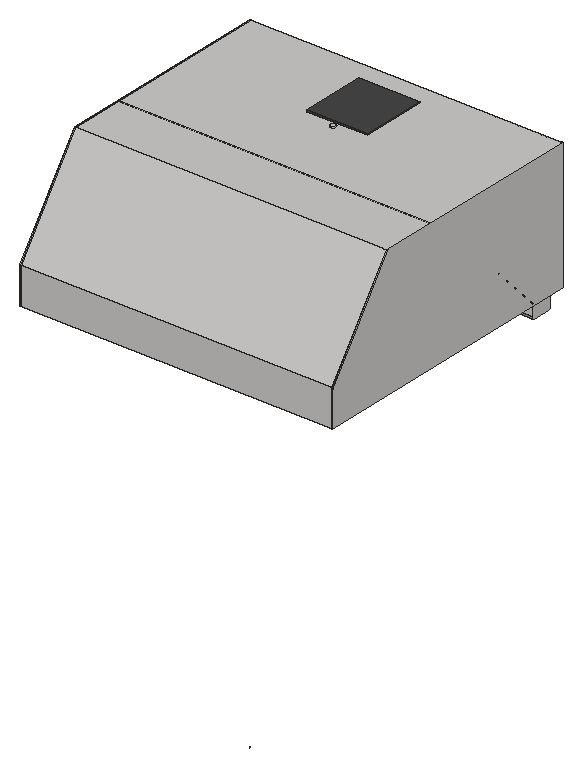
Revit family "QF_ELECTROLUXPROFESSIONAL_644220_ABPV1112BT", category Attrezzature speciali, Revit 2021
Family settings
  Quota connettore circolare = Usa diametro
  Tipo di parte = Normale
  Basato su piano di lavoro = No
  Sempre verticale = Sì
  Taglio con vuoti quando caricato = No
  Condiviso = No
  Punto di calcolo locali = No
Parameters (values of type "Standard")
  Weight = 43.00 kg
  Watts = 300 W
  Volts = 220 V
  URL Manufacturer = "https://www.electroluxprofessional.com/"
  URL = "https://www.electroluxprofessional.com/"
  Steam Supply Size = 0 mm
  Steam Supply Minimum Pressure = 0.0 Pa
  Steam Supply Maximum Pressure = 0.0 Pa
  Steam Consumption per Hour = 0
  Refrigeration Suction Line Size = 0 mm
  Refrigeration Liquid Line Size = 0 mm
  Refrigerant Compressor Remote = yes
  Prospetto di default = 0 mm
  Produttore = "Electrolux Professional"
  Phase = 1
  Modello = "ABPV1112BT"
  Length Actual = 1200 mm  # constant formula
  Item Number = "644220"
  Hot Water Size = 0 mm
  Height Actual = 500 mm  # constant formula
  HP = "0.4 HP"
  Gas Size = 0 mm
  Gas KW = 0
  Gas Input Pressure = 0 W
  Direct Waste Size = 0 mm
  Descrizione = "430 S/S WALL HOOD+FILTER+FAN 1200X1100MM"
  Depth Actual = 1100 mm  # constant formula
  Cycle = 50 Hz
  Condensate Return Size = 0 mm
  Compressed Air Volume = 0.0 L/s
  Compressed Air Size = 0 mm
  Compressed Air Pressure = 0.0 Pa
  Cold Water Size = 0 mm
  Accessory = yes
Reference planes
  plane 1 "Center (Front/Back)": y = 0
  plane 2: z = 0
  plane 3 "Center (Left/Right)": x = 150
  plane 4 "LEFT": x = -450
  plane 5 "RIGHT": x = 750
  plane 6 "BACK": y = 550
  plane 7 "FRONT": y = -550
  plane 8 "TOP": z = 2500
  plane 9 "Base": z = 2000
  plane 10: z = 1926
  plane 11 "DrainY": y = 485
  plane 12: x = -447
  plane 13: through (0, 414.509, 2000.8) normal (0, 0.7314, 0.682)
  plane 14: y = 470
  plane 15: y = 220
  plane 16 "DrainX": x = 630
  plane 17: x = 33.5
  plane 18: x = 266.5
  plane 19: x = 747
  plane 20: x = 540
  plane 21: x = 720
  plane 22: x = -410
  plane 23: x = 710
  plane 24: x = -47.5
  plane 25: x = 347.5
  plane 26: z = 2140.01
  plane 27: y = 200
Forms (mm)
  Extrusion 1, solid, material "QF_Finishes_Stainless Steel"
    sketch origin (-450, 0, 360) x (0, 1, 0) y (0, 0, 1)
      loop
        line (550, 1640) -> (550, 2140) -> (-290, 2140) -> (-550, 1780.01) -> (-550, 1640) -> (550, 1640)
    from 0 to 3
  Extrusion 2, solid, material "QF_Finishes_Stainless Steel"
    sketch origin (150, 0, 360) x (0, 1, 0) y (0, 0, 1)
      loop
        line (415.255, 1640) -> (550, 1640) -> (550, 2139.19) -> (549.2, 2139.19) -> (549.2, 1640.8) -> (415.876, 1640.8) -> (339.347, 1722.867) -> (349.609, 1732.436) -> (348.927, 1733.167) -> (337.934, 1722.917) -> (415.255, 1640)
      loop
        line (-82.203, 2139.19) -> (-82.203, 2118.6) -> (-31.047, 2118.6) -> (34.354, 2048.466) -> (46.028, 2059.352) -> (45.346, 2060.083) -> (34.403, 2049.879) -> (-30.612, 2119.6) -> (-81.203, 2119.6) -> (-81.203, 2139.19) -> (-82.203, 2139.19)
    from -597 to 597
  Extrusion 3, solid, material "QF_Finishes_Stainless Steel"
    sketch origin (750, 0, 360) x (0, 1, 0) y (0, 0, 1)
      loop
        line (550, 1640) -> (550, 2140) -> (-290, 2140) -> (-550, 1780.01) -> (-550, 1640) -> (550, 1640)
    from 0 to -3
  Extrusion 4, solid, material "QF_Finishes_Stainless Steel"
    sketch origin (150, 0, 360) x (0, 1, 0) y (0, 0, 1)
      loop
        line (-550, 1780.01) -> (-550, 1640) -> (-549.2, 1640) -> (-549.2, 1779.751) -> (-289.598, 2139.19) -> (550, 2139.19) -> (550, 2140) -> (-290, 2140) -> (-550, 1780.01)
    from -600 to 600
  Extrusion 5, solid, material "QF_Finishes_Stainless Steel"
    sketch origin (150, 0, 360) x (0, 1, 0) y (0, 0, 1)
      loop
        line (534, 1640) -> (436, 1640) -> (436, 1627) -> (443.5, 1627) -> (443.5, 1576)
        arc (443.5, 1576) -> (446.429, 1568.929) -> (453.5, 1566) r 10
        line (453.5, 1566) -> (516.5, 1566)
        arc (516.5, 1566) -> (523.571, 1568.929) -> (526.5, 1576) r 10
        line (526.5, 1576) -> (526.5, 1627) -> (534, 1627) -> (534, 1640)
    from 390 to 570
  Extrusion 6, solid, material "QF_Finishes_Stainless Steel"
    sketch origin (0, 0, 2000) x (0, 1, 0) y (-1, 0, 0)
      loop
        circle (485, -630) r 20
    from -76 to -74
  Extrusion 7, solid, material "QF_Finished_Chrome"
    sketch origin (150, 0, 360) x (0, 1, 0) y (0, 0, 1)
      loop
        line (337.934, 1722.917) -> (341.591, 1726.327) -> (38.011, 2051.876) -> (34.354, 2048.466) -> (337.934, 1722.917)
    from -197.5 to -560
  Extrusion 8, solid, material "QF_Finishes_Stainless Steel"
    sketch origin (150, 0, 360) x (0, 1, 0) y (0, 0, 1)
      loop
        line (337.934, 1722.917) -> (341.591, 1726.327) -> (38.011, 2051.876) -> (34.354, 2048.466) -> (337.934, 1722.917)
    from 597 to 560
  Extrusion 9, solid, material "QF_Finished_Chrome"
    sketch origin (150, 0, 360) x (0, 1, 0) y (0, 0, 1)
      loop
        line (341.588, 1726.324) -> (38.009, 2051.874) -> (34.354, 2048.466) -> (337.934, 1722.917) -> (341.588, 1726.324)
    from 197.5 to 560
  Extrusion 10, solid, material "QF_Finishes_Black"
    sketch origin (0, 0, 2500) x (0, 1, 0) y (-1, 0, 0)
      loop
        line (470, -266.5) -> (470, -33.5) -> (220, -33.5) -> (220, -266.5) -> (470, -266.5)
    from 5 to 0
  Extrusion 11, solid, material "QF_Finishes_Stainless Steel"
    sketch origin (0, 0, 0) x (1, 0, 0) y (0, 1, 0)
      loop
        line (-450, 550) -> (-450, 549) -> (-449, 549) -> (-449, 550) -> (-450, 550)
    from 0 to 1
  Extrusion 12, solid, material "QF_Finishes_Stainless Steel"
    sketch origin (150, 0, 360) x (0, 1, 0) y (0, 0, 1)
      loop
        line (337.934, 1722.917) -> (341.591, 1726.327) -> (38.011, 2051.876) -> (34.354, 2048.466) -> (337.934, 1722.917)
    from -560 to -597
  Extrusion 13, solid, material "QF_Finishes_Stainless Steel"
    sketch origin (150, 0, 360) x (0, 1, 0) y (0, 0, 1)
      loop
        line (337.934, 1722.917) -> (341.591, 1726.327) -> (38.011, 2051.876) -> (34.354, 2048.466) -> (337.934, 1722.917)
    from 197.5 to -197.5
  Extrusion 14, solid, material "QF_Finishes_Stainless Steel"
    sketch origin (0, 0, 2500) x (0, 1, 0) y (-1, 0, 0)
      loop
        circle (200, -150) r 10
    from 0 to 1.6
Cuts and joins
  joined: Extrusion 2, Extrusion 4
Lines and regions (mm)
  reference lines
    curve 1: line (150, 34.354, 2408.466) -> (150, 34.354, 2248.466)
  symbolic lines, style "SpecialityEquipment", detail levels coarse
    curve 2: line (750, 550, 2500) -> (-450, 550, 2500)
    curve 3: line (-450, 550, 2500) -> (-450, -550, 2500)
    curve 4: line (750, -550, 2500) -> (750, 550, 2500)
    curve 5: line (-450, -550, 2500) -> (750, -550, 2500)
    curve 6: line (266.5, 220, 2500) -> (33.5, 220, 2500)
    curve 7: line (266.5, 470, 2500) -> (266.5, 220, 2500)
    curve 8: line (33.5, 470, 2500) -> (266.5, 470, 2500)
    curve 9: line (33.5, 220, 2500) -> (33.5, 470, 2500)
    curve 10: line (-450, -290, 0) -> (750, -290, 0)
    curve 11: line (-450, 550, 0) -> (750, -290, 0)
    curve 12: line (-450, -290, 0) -> (750, 550, 0)
Dimensions and locks
  plane 4 "LEFT" to plane 5 "RIGHT" = 1200 mm
  equal spacing: plane 4 "LEFT", plane 3 "Center (Left/Right)", plane 5 "RIGHT"
  locked: plane 8 "TOP" to plane 9 "Base" at 500
  plane 9 "Base" to plane 10 = 74 mm
  plane 6 "BACK" to plane 11 "DrainY" = 65 mm  (x2)
  plane 4 "LEFT" to plane 12 = 3 mm
  plane 6 "BACK" to plane 14 = 80 mm
  plane 14 to plane 15 = 250 mm  (x2)
  plane 16 "DrainX" to plane 5 "RIGHT" = 120 mm
  plane 19 to plane 5 "RIGHT" = 3 mm
  locked: plane 20 to plane 16 "DrainX" at 90
  locked: plane 16 "DrainX" to plane 21 at 90
  plane 6 "BACK" to plane 7 "FRONT" = 1100 mm  (x2)
  equal spacing: plane 6 "BACK", plane 1 "Center (Front/Back)", plane 7 "FRONT"
  plane 15 to plane 7 "FRONT" = 770 mm
  plane 14 to plane 6 "BACK" = 80 mm
  locked: plane 4 "LEFT" to plane 22 at 40
  locked: plane 23 to plane 5 "RIGHT" at 40
  locked: plane 24 to plane 25 at 395
  equal spacing: plane 24, plane 3 "Center (Left/Right)", plane 25
  locked: plane 17 to plane 18 at 233
  equal spacing: plane 17, plane 3 "Center (Left/Right)", plane 18
  curve 10 to plane 7 "FRONT" = 260 mm
  curve 10 to plane 6 "BACK" = 840 mm
  plane 9 "Base" to level = 2000 mm
  plane 26 to plane 9 "Base" = 140.01 mm
  plane 15 to plane 27 = 20 mm
  aligned and locked: level to plane 2
  aligned and locked: Extrusion 2 to Extrusion 1
  aligned and locked: Extrusion 2 to Extrusion 3
  aligned and locked: plane 5 "RIGHT" to Extrusion 4
  aligned and locked: Extrusion 4 to plane 4 "LEFT"
  aligned and locked: plane 19 to Extrusion 8
  aligned and locked: Extrusion 10 to plane 17
  aligned and locked: Extrusion 10 to plane 15
  aligned and locked: Extrusion 10 to plane 14
  aligned and locked: Extrusion 2 to Extrusion 4
  aligned and locked: plane 21 to Extrusion 5
  aligned and locked: Extrusion 5 to plane 20
  aligned and locked: Extrusion 8 to plane 23
  aligned and locked: Extrusion 9 to plane 23
  aligned and locked: Extrusion 7 to plane 22
  aligned and locked: Extrusion 12 to plane 12
  aligned and locked: plane 22 to Extrusion 12
  aligned and locked: Extrusion 3 to plane 19
  aligned and locked: Extrusion 10 to plane 18
  aligned and locked: plane 18 to curve 7
  aligned and locked: plane 25 to Extrusion 13
  aligned and locked: Extrusion 13 to plane 24
  aligned and locked: Extrusion 9 to plane 25
Automatic sketch dimensions
  curve 5 to plane 5 "RIGHT" = 0 mm
  curve 5 to plane 7 "FRONT" = 0 mm
  curve 6 to plane 15 = 0 mm
  plane 14 to curve 8 = 0 mm
  curve 3 to plane 4 "LEFT" = 0 mm
  curve 3 to plane 6 "BACK" = 0 mm
  curve 6 to plane 17 = 0 mm
  Extrusion 2 sketch curve to plane 13 = 0 mm  (x3)
  Extrusion 2 sketch curve to plane 9 "Base" = 0 mm
  plane 13 to Extrusion 2 sketch curve = 0 mm
  Extrusion 2 sketch curve to plane 6 "BACK" = 0 mm
  Extrusion 2 sketch curve to Extrusion 2 sketch curve = 65.646 mm
  Extrusion 2 sketch curve to Extrusion 2 sketch curve = 0.682 mm  (x2)
  Extrusion 2 sketch curve to Extrusion 2 sketch curve = 10.261 mm
  plane 9 "Base" to Extrusion 2 sketch curve = 82.917 mm
  Extrusion 2 sketch curve to plane 1 "Center (Front/Back)" = 46.028 mm
  Extrusion 2 sketch curve to Extrusion 2 sketch curve = 10.942 mm
  Extrusion 2 sketch curve to Extrusion 2 sketch curve = 0.049 mm
  Extrusion 2 sketch curve to plane 8 "TOP" = 20.4 mm
  Extrusion 2 sketch curve to plane 8 "TOP" = 21.4 mm
  Extrusion 2 sketch curve to plane 8 "TOP" = 0.81 mm  (x2)
  Extrusion 2 sketch curve to Extrusion 2 sketch curve = 50.156 mm
  Extrusion 2 sketch curve to Extrusion 2 sketch curve = 1 mm
  plane 9 "Base" to Extrusion 2 sketch curve = 0.8 mm
  Extrusion 2 sketch curve to plane 6 "BACK" = 0.8 mm
  curve 1 to plane 13 = 0 mm
  curve 1 to plane 1 "Center (Front/Back)" = 34.354 mm
  Extrusion 5 sketch curve to plane 9 "Base" = 0 mm
  Extrusion 5 sketch curve to plane 10 = 0 mm
  Extrusion 5 sketch curve to plane 9 "Base" = 13 mm  (x2)
  plane 14 to Extrusion 5 sketch curve = 34 mm
  Extrusion 5 sketch curve to Extrusion 5 sketch curve = 7.5 mm  (x2)
  Extrusion 5 sketch curve to Extrusion 5 sketch curve = 10 mm
  plane 11 "DrainY" to Extrusion 5 sketch curve = 31.5 mm
  Extrusion 5 sketch curve to plane 6 "BACK" = 23.5 mm
  Extrusion 6 sketch curve to plane 11 "DrainY" = 0 mm
  Extrusion 6 sketch curve to plane 16 "DrainX" = 0 mm
  Extrusion 7 sketch curve to plane 13 = 0 mm  (x2)
  Extrusion 7 sketch curve to plane 1 "Center (Front/Back)" = 34.354 mm
  Extrusion 7 sketch curve to Extrusion 7 sketch curve = 3.657 mm
  plane 9 "Base" to Extrusion 7 sketch curve = 82.917 mm
  Extrusion 8 sketch curve to plane 13 = 0 mm  (x2)
  Extrusion 8 sketch curve to plane 1 "Center (Front/Back)" = 34.354 mm
  Extrusion 8 sketch curve to Extrusion 8 sketch curve = 3.657 mm
  plane 9 "Base" to Extrusion 8 sketch curve = 82.917 mm
  Extrusion 9 sketch curve to plane 13 = 0 mm  (x2)
  Extrusion 9 sketch curve to plane 1 "Center (Front/Back)" = 34.354 mm
  Extrusion 9 sketch curve to Extrusion 9 sketch curve = 3.655 mm
  plane 9 "Base" to Extrusion 9 sketch curve = 82.917 mm
  Extrusion 10 sketch curve to plane 15 = 0 mm
  plane 14 to Extrusion 10 sketch curve = 0 mm
  Extrusion 10 sketch curve to plane 18 = 0 mm
  Extrusion 10 sketch curve to plane 17 = 0 mm
  Extrusion 11 sketch curve to plane 4 "LEFT" = 0 mm
  Extrusion 11 sketch curve to plane 6 "BACK" = 0 mm
  plane 4 "LEFT" to Extrusion 11 sketch curve = 1 mm
  Extrusion 11 sketch curve to Extrusion 11 sketch curve = 1 mm
  Extrusion 12 sketch curve to plane 13 = 0 mm  (x2)
  Extrusion 12 sketch curve to plane 1 "Center (Front/Back)" = 34.354 mm
  Extrusion 12 sketch curve to Extrusion 12 sketch curve = 3.657 mm
  plane 9 "Base" to Extrusion 12 sketch curve = 82.917 mm
  Extrusion 13 sketch curve to plane 13 = 0 mm  (x2)
  Extrusion 13 sketch curve to plane 1 "Center (Front/Back)" = 34.354 mm
  Extrusion 13 sketch curve to Extrusion 13 sketch curve = 3.657 mm
  plane 9 "Base" to Extrusion 13 sketch curve = 82.917 mm
  Extrusion 4 sketch curve to plane 7 "FRONT" = 0 mm
  Extrusion 4 sketch curve to plane 9 "Base" = 0 mm
  Extrusion 4 sketch curve to plane 8 "TOP" = 0 mm
  Extrusion 4 sketch curve to plane 6 "BACK" = 0 mm
  Extrusion 4 sketch curve to Extrusion 4 sketch curve = 0.8 mm
  plane 9 "Base" to Extrusion 4 sketch curve = 140.01 mm
  Extrusion 4 sketch curve to Extrusion 4 sketch curve = 0.81 mm
  Extrusion 4 sketch curve to Extrusion 4 sketch curve = 0.259 mm
  Extrusion 4 sketch curve to Extrusion 4 sketch curve = 0.402 mm
  plane 7 "FRONT" to Extrusion 4 sketch curve = 260 mm
  Extrusion 3 sketch curve to plane 7 "FRONT" = 0 mm
  Extrusion 3 sketch curve to plane 8 "TOP" = 0 mm
  Extrusion 3 sketch curve to plane 6 "BACK" = 0 mm
  Extrusion 3 sketch curve to plane 9 "Base" = 0 mm
  plane 9 "Base" to Extrusion 3 sketch curve = 140.01 mm
  plane 7 "FRONT" to Extrusion 3 sketch curve = 260 mm
  Extrusion 1 sketch curve to plane 7 "FRONT" = 0 mm
  Extrusion 1 sketch curve to plane 8 "TOP" = 0 mm
  Extrusion 1 sketch curve to plane 6 "BACK" = 0 mm
  Extrusion 1 sketch curve to plane 9 "Base" = 0 mm
  plane 9 "Base" to Extrusion 1 sketch curve = 140.01 mm
  plane 7 "FRONT" to Extrusion 1 sketch curve = 260 mm
  curve 1 to curve 1 = 160 mm
  curve 11 to plane 4 "LEFT" = 0 mm
  curve 10 to plane 4 "LEFT" = 0 mm
  curve 11 to plane 5 "RIGHT" = 0 mm
  curve 12 to plane 5 "RIGHT" = 0 mm
  curve 12 to plane 6 "BACK" = 0 mm
  curve 11 to plane 6 "BACK" = 0 mm
  Extrusion 14 sketch curve to plane 3 "Center (Left/Right)" = 0 mm
  Extrusion 14 sketch curve to plane 27 = 0 mm
  radius of Extrusion 6 sketch curve = 20 mm
  radius of Extrusion 14 sketch curve = 10 mm
Connectors
  piping at (630, 485, 1924), diameter 20
    settings: on Extrusion 6, index 1, connector inside diameter 609.6 mm, connector length 0 mm, flow factor 0, pipe flow 0.0 L/s, pressure drop 0.0 Pa, fitting loss kfactor 0, connector angle 0.00°, fixture units 0, engagement length 0 mm, angle of deflection 0.00°, flow configuration 1, flow direction 2, fitting loss method 0, system type 16, joint type 0, gender type 0, connector reference index -1, connector utility 0, adjustable connector no, is connector primary yes, connector description "Drain"
  hvac at (150, 345, 2505)
    settings: on Extrusion 10, index 2, duct flow 0.0 L/s, flow factor 0, pres drop 0.0 Pa, loss coef 0, conn angle 0.00°, conn width 250 mm, conn height 233 mm, conn diameter 609.6 mm, duct sys type 3, conn prof type 1, flow config 0, flow direction 2, loss method 0, conn ref index -1, conn util no, is conn primary yes, conn desc "EXHAUST OUTLET"
  electrical at (150, 200, 2501.6), driven by "Volts"
    settings: on Extrusion 14, index 3, voltage 220 V, apparent load 0 VA, apparent load phase1 0 VA, apparent load phase2 0 VA, apparent load phase3 0 VA, power factor 1, load classification "Other", number of poles 1, system type 30, power factor state 1, is connector primary yes, connector utility no, sub classification motor no, connector description "Electrical Connection"
